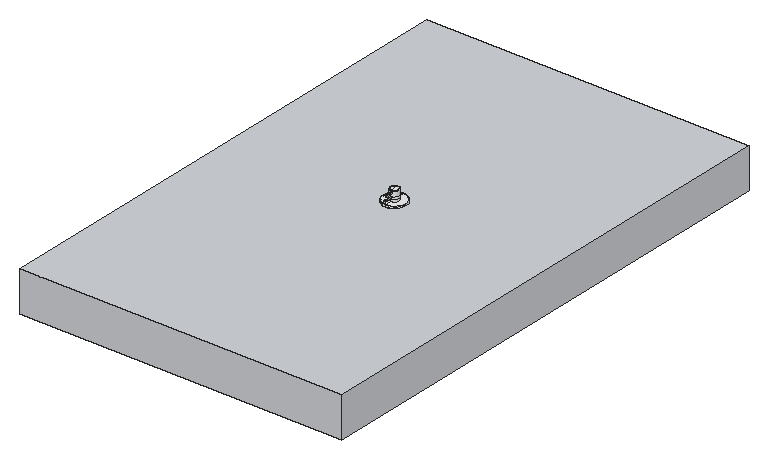
Revit family "Thermostatic_Trim-GROHE-Grohflex_Essence-19988_Series", category Plumbing Fixtures, host Face, Revit 2014
Parameters (values of type "19988001")
  Width = 6 11/16"  # constant formula
  Waste Connection = no
  Warranty Documentation Link = "https://cdn.cloud.grohe.com/tpi/1000/1900/1940/1949/1949006/original/1949006.pdf"
  WFU = 4  # constant formula
  Vent Connection = no
  URL = "https://www.grohe.us/"
  Type Comments = ""
  Tempered Connection Radius = Tempered Connection Diameter / 2  # 1/4"
  Tempered Connection Diameter = Hot Water Connection Diameter  # 1/2"
  Shipping Weight = 4.178 lbf
  Product Page URL = "https://www.grohe.us/en_us/dual-function-thermostatic-trim-with-control-module-19988001.html"
  Price = "Prices may vary. Please consult Manufacturer Representative for most up-to-date price list."  # constant formula
  Model = "19988001"
  Material = "Metal-Grohe-001-Chrome"
  Manufacturer = "Grohe"
  Length = 3 1/2"  # constant formula
  Installation Type = "Wall Mounted"
  Hot Water Connection Radius = Hot Water Connection Diameter / 2  # 1/4"
  Hot Water Connection Diameter = Cold Water Connection Diameter  # 1/2"
  Height = 40"
  HWFU = 3  # constant formula
  HW Connection = yes
  Flow Rate = ""
  Finish = Metal-Grohe-001-Chrome
  Description = "GrohFlex Essence Dual function thermostatic trim with control module"  # constant formula
  Default Elevation = 44"  # constant formula
  Creation Date = "06/30/2017"  # constant formula
  Cold Water Connection Radius = 1/4"  # constant formula
  Cold Water Connection Diameter = Cold Water Connection Radius * 2  # 1/2"
  CWFU = 3  # constant formula
  CW Connection = yes
  Assembly Code = "D2010710"
  ADA Compliant = yes
Types (2): name | Shipping Weight | Product Page URL | Model | Material | Finish
  19988001 | 4.178 lbf | "https://www.grohe.us/en_us/dual-function-thermostatic-trim-with-control-module-19988001.html" | "19988001" | "Metal-Grohe-001-Chrome" | Metal-Grohe-001-Chrome
  19988EN1 | 3.678 lbf | "https://www.grohe.us/en_us/dual-function-thermostatic-trim-with-control-module-19988EN1.html" | "19988EN1" | "Metal-Grohe-EN1-Brushed Nickel" | Metal-Grohe-EN1-Brushed Nickel
Reference planes (in)
  plane 1 "Center (Front/Back)": y = 0
  plane 2: z = 0
  plane 3 "Center (Left/Right)": x = 0
  plane 4: y = 40
  plane 5: y = -18
  plane 6: y = -39
  plane 7: x = -1.21875
  plane 8: x = 1.21875
  plane 9: x = -3.34375
  plane 10: x = 3.34375
  plane 11: z = 0.375
  plane 12: z = 4
  plane 13: y = 1.96875
  plane 14: y = -1.96875
  plane 15: z = 3.5
  plane 16: z = 0.8125
  plane 17: y = 92.5
  plane 18: through (0, -77.49972, 129.42836) normal (0, -1, -0.0001)
Forms (in)
  Extrusion 1, solid
    sketch origin (0, 0, 0) x (1, 0, 0) y (0, 1, 0)
      loop
        line (-48, 72) -> (-48, -79.70833) -> (48, -79.70833) -> (48, 72) -> (-48, 72)
    from 0 to -12
  Revolve 2, solid, material "Metal-Grohe-001-Chrome" <- "Finish"
    sketch origin (0, 0, 0) x (0, 1, 0) y (0, 0, 1)
      loop
        line (3.42542, 0) -> (3.39559, 0.34096)
        arc (3.39559, 0.34096) -> (3.37568, 0.38275) -> (3.33324, 0.40126) r 0.06616
        arc (3.33324, 0.40126) -> (2.29089, 0.44708) -> (1.24784, 0.47233) r 52.87889
        line (1.24784, 0.47233) -> (1.24784, 1.16368) -> (1.14855, 1.16368) -> (1.14855, 1.2233) -> (1.24784, 1.2233) -> (1.24784, 1.87924) -> (1.14855, 1.87924) -> (1.14855, 1.93885) -> (1.24784, 1.93885) -> (1.24784, 3.35175)
        arc (1.24784, 3.35175) -> (1.24196, 3.36892) -> (1.2268, 3.37889) r 0.02803
        arc (1.2268, 3.37889) -> (1.20109, 3.38462) -> (1.17506, 3.38865) r 0.3999
        line (1.17506, 3.38865) -> (1.17506, 3.3566) -> (1.14376, 3.3566) -> (1.16029, 3.39554)
        arc (1.16029, 3.39554) -> (0.58237, 3.47186) -> (0, 3.49736) r 6.6616
        line (0, 3.49736) -> (0, 0) -> (3.42542, 0)
      axis (0, 3.49736) -> (0, 0)
    angle from 0 to 360
  Revolve 3, solid, material "Metal-Grohe-001-Chrome" <- "Finish"
    sketch origin (0, 0.39062, 0.82813) x (0, 1, 0) y (0, 0, 1)
      loop
        line (-3.42432, 1.82031) -> (-0.53235, 1.82031) -> (-0.53235, 1.97907) -> (-2.42485, 1.97907)
        arc (-2.42485, 1.97907) -> (-2.55147, 1.98349) -> (-2.67747, 1.99673) r 1.81514
        line (-2.67747, 1.99673) -> (-2.77401, 2.0103)
        arc (-2.77401, 2.0103) -> (-2.82122, 2.01526) -> (-2.86865, 2.01692) r 0.68003
        line (-2.86865, 2.01692) -> (-3.40233, 2.01692)
        arc (-3.40233, 2.01692) -> (-3.41788, 2.01048) -> (-3.42432, 1.99492) r 0.02199
        line (-3.42432, 1.99492) -> (-3.42432, 1.82031)
      axis (-3.42432, 1.82031) -> (-0.53235, 1.82031)
    angle from 0 to 360
  Revolve 4, solid, material "Metal-Grohe-001-Chrome" <- "Finish"
    sketch origin (0, -0.53125, -0.28125) x (0, 1, 0) y (0, 0, 1)
      loop
        line (-3.42432, 1.82031) -> (0.43843, 1.82031) -> (0.43843, 1.97907) -> (-2.42485, 1.97907)
        arc (-2.42485, 1.97907) -> (-2.55147, 1.98349) -> (-2.67747, 1.99673) r 1.81514
        line (-2.67747, 1.99673) -> (-2.77401, 2.0103)
        arc (-2.77401, 2.0103) -> (-2.82122, 2.01526) -> (-2.86865, 2.01692) r 0.68003
        line (-2.86865, 2.01692) -> (-3.40233, 2.01692)
        arc (-3.40233, 2.01692) -> (-3.41788, 2.01048) -> (-3.42432, 1.99492) r 0.02199
        line (-3.42432, 1.99492) -> (-3.42432, 1.82031)
      axis (-3.42432, 1.82031) -> (0.43843, 1.82031)
    angle from 0 to 360
  Extrusion 5, solid, material "Metal-Grohe-001-Chrome" <- "Finish"
    sketch origin (0, 0, 0) x (1, 0, 0) y (0, 0, 1)
      loop
        circle (0, 2.42437) r 0.24527
    from -1.4536 to 0
  Extrusion 6, solid, material "Metal-Grohe-001-Chrome" <- "Finish"
    sketch origin (0, 0, 0) x (1, 0, 0) y (0, 1, 0)
      loop
        circle (-0.82581, 0) r 0.25
      loop
        circle (0.82581, 0) r 0.25
    from 0 to 0.0625
Cuts and joins
  joined: Revolve 2, Revolve 3, Revolve 4, Extrusion 5, Extrusion 6
Lines and regions (in)
  Masking region 1
    outline origin (0, 0, 0) x (1, 0, 0) y (0, 0, 1)
      loop
        line (3.42865, 0) -> (3.39196, 0.34903)
        arc (3.39196, 0.34903) -> (3.37392, 0.38551) -> (3.33646, 0.40143) r 0.05859
        arc (3.33646, 0.40143) -> (2.29238, 0.44386) -> (1.24784, 0.47253) r 79.34973
        line (1.24784, 0.47253) -> (1.24784, 1.1683) -> (1.14855, 1.1683) -> (1.14855, 1.22791) -> (1.24784, 1.22791) -> (1.24784, 1.8558) -> (1.14855, 1.8558) -> (1.14855, 1.91541) -> (1.24784, 1.91541) -> (1.24784, 3.35261)
        arc (1.24784, 3.35261) -> (1.24151, 3.3702) -> (1.22542, 3.37972) r 0.0276
        arc (1.22542, 3.37972) -> (0, 3.49603) -> (-1.22542, 3.37972) r 6.51379
        arc (-1.22542, 3.37972) -> (-1.24151, 3.3702) -> (-1.24784, 3.35261) r 0.0276
        line (-1.24784, 3.35261) -> (-1.24784, 1.91541) -> (-1.14855, 1.91541) -> (-1.14855, 1.8558) -> (-1.24784, 1.8558) -> (-1.24784, 1.22791) -> (-1.14855, 1.22791) -> (-1.14855, 1.1683) -> (-1.24784, 1.1683) -> (-1.24784, 0.47253)
        arc (-1.24784, 0.47253) -> (-2.29238, 0.44386) -> (-3.33646, 0.40143) r 79.34973
        arc (-3.33646, 0.40143) -> (-3.37392, 0.38551) -> (-3.39196, 0.34903) r 0.05859
        line (-3.39196, 0.34903) -> (-3.42865, 0) -> (3.42865, 0)
  symbolic lines, detail levels medium+fine
    curve 1: line (1.27909, 0, 0.47187) -> (-1.27909, 0, 0.47187)
  symbolic lines, detail levels fine
    curve 2: line (1.14855, 0, 1.91541) -> (-1.14855, 0, 1.91541)
    curve 3: line (1.14855, 0, 1.8558) -> (-1.14855, 0, 1.8558)
    curve 4: line (1.14855, 0, 1.22791) -> (-1.14855, 0, 1.22791)
    curve 5: line (1.14855, 0, 1.1683) -> (-1.14855, 0, 1.1683)
    curve 6: circle (0, 0, 2.42437) r 0.24527 normal (0, -1, 0)
Dimensions and locks (in)
  plane 1 "Center (Front/Back)" to plane 5 = 18"
  plane 5 to plane 6 = 21"
  plane 1 "Center (Front/Back)" to plane 4 = 40"
  plane 11 to level = 3/8"
  plane 12 to level = 4"
  level to plane 15 = 3 1/2"
  plane 16 to level = 13/16"
  "Hot Water Connection Diameter": diameter of Extrusion 6 sketch curve
  "Cold Water Connection Diameter": diameter of Extrusion 6 sketch curve
  aligned and locked: plane 2 to Extrusion 1
  aligned and locked: level to Extrusion 1
Automatic sketch dimensions
  curve 6 to plane 3 "Center (Left/Right)" = 0"
  plane 15 to curve 6 = 1.07563"
  plane 7 to curve 3 = 0.0702"
  plane 7 to curve 4 = 0.0702"
  curve 2 to curve 3 = 0"  (x2)
  curve 4 to curve 5 = 0"  (x2)
  curve 1 to plane 7 = 0.06034"
  plane 8 to curve 3 = 0.0702"
  plane 8 to curve 5 = 0.0702"
  curve 1 to plane 8 = 0.06034"
  plane 16 to curve 2 = 1.10291"
  curve 3 to curve 2 = 0.05961"
  plane 16 to curve 4 = 0.41541"
  curve 5 to curve 4 = 0.05961"
  curve 1 to plane 16 = 0.34063"
  Extrusion 1 sketch curve to Extrusion 1 sketch curve = 96"
  Extrusion 1 sketch curve to Extrusion 1 sketch curve = 151.70833"
  Revolve 2 sketch curve to plane 1 "Center (Front/Back)" = 0"  (x2)
  Revolve 2 sketch curve to level = 0"
  Revolve 2 sketch curve to plane 1 "Center (Front/Back)" = 0.48976"
  Revolve 2 sketch curve to plane 13 = 0.84172"
  plane 15 to Revolve 2 sketch curve = 0.1434"
  Revolve 2 sketch curve to Revolve 2 sketch curve = 0.01673"
  Revolve 2 sketch curve to plane 13 = 0.8202"
  plane 16 to Revolve 2 sketch curve = 0.35118"
  Revolve 2 sketch curve to Revolve 2 sketch curve = 0"
  plane 15 to Revolve 2 sketch curve = 0.10446"
  Revolve 2 sketch curve to Revolve 2 sketch curve = 0.01653"
  Revolve 2 sketch curve to Revolve 2 sketch curve = 0.03129"
  Revolve 2 sketch curve to Revolve 2 sketch curve = 0.04475"
  Revolve 2 sketch curve to Revolve 2 sketch curve = 0.09928"  (x2)
  Revolve 2 sketch curve to Revolve 2 sketch curve = 0.02803"
  plane 11 to Revolve 2 sketch curve = 0.09733"
  Revolve 2 sketch curve to plane 11 = 0.03981"
  plane 13 to Revolve 2 sketch curve = 1.36093"
  Revolve 2 sketch curve to plane 11 = 0.03404"
  Revolve 2 sketch curve to Revolve 2 sketch curve = 0.06591"
  Revolve 2 sketch curve to Revolve 2 sketch curve = 0.02983"
  Revolve 2 sketch curve to Revolve 2 sketch curve = 3.16423"
  Revolve 2 sketch curve to Revolve 2 sketch curve = 49.23689"
  Revolve 2 sketch curve to Revolve 2 sketch curve = 0.05961"  (x2)
  Revolve 2 sketch curve to Revolve 2 sketch curve = 0.65594"
  Revolve 2 sketch curve to Revolve 2 sketch curve = 0.36496"
  Revolve 2 sketch curve to Revolve 2 sketch curve = 0.00485"
  Revolve 2 sketch curve to Revolve 2 sketch curve = 0.00689"
  plane 12 to Revolve 2 sketch curve = 1.99585"
  Revolve 2 sketch curve to Revolve 2 sketch curve = 0.35576"
  plane 14 to Revolve 3 sketch curve = 1.06495"
  Revolve 3 sketch curve to Revolve 3 sketch curve = 0.02199"
  plane 14 to Revolve 3 sketch curve = 0.50928"
  Revolve 3 sketch curve to Revolve 3 sketch curve = 0.09464"
  Revolve 3 sketch curve to Revolve 3 sketch curve = 0.09654"
  plane 14 to Revolve 3 sketch curve = 0.06548"
  plane 1 "Center (Front/Back)" to Revolve 3 sketch curve = 0.14172"
  plane 15 to Revolve 3 sketch curve = 1.33499"
  plane 15 to Revolve 3 sketch curve = 109/128"
  plane 15 to Revolve 3 sketch curve = 0.69281"
  Revolve 3 sketch curve to Revolve 3 sketch curve = 0.17462"
  Revolve 3 sketch curve to Revolve 3 sketch curve = 0.01357"
  Revolve 3 sketch curve to Revolve 3 sketch curve = 0.32951"
  Revolve 3 sketch curve to plane 1 "Center (Front/Back)" = 0.20822"
  Revolve 3 sketch curve to Revolve 3 sketch curve = 0"
  Masking region 1 sketch curve to level = 0"
  Masking region 1 sketch curve to plane 3 "Center (Left/Right)" = 0"
  Masking region 1 sketch curve to plane 3 "Center (Left/Right)" = 0.40729"
  plane 7 to Masking region 1 sketch curve = 0.0702"  (x2)
  Masking region 1 sketch curve to plane 7 = 0.00148"
  Masking region 1 sketch curve to plane 7 = 0.02909"  (x3)
  plane 9 to Masking region 1 sketch curve = 0.01005"
  Masking region 1 sketch curve to plane 9 = 0.04821"
  Masking region 1 sketch curve to plane 9 = 0.0849"
  plane 3 "Center (Left/Right)" to Masking region 1 sketch curve = 0.40729"
  plane 8 to Masking region 1 sketch curve = 0.0702"  (x2)
  Masking region 1 sketch curve to plane 8 = 0.00148"
  Masking region 1 sketch curve to plane 8 = 0.02909"  (x3)
  plane 10 to Masking region 1 sketch curve = 0.01005"
  Masking region 1 sketch curve to plane 10 = 0.04821"
  Masking region 1 sketch curve to plane 10 = 0.0849"
  Masking region 1 sketch curve to level = 3.01777"
  Masking region 1 sketch curve to Masking region 1 sketch curve = 75.84217"
  Masking region 1 sketch curve to Masking region 1 sketch curve = 0"  (x2)
  level to Masking region 1 sketch curve = 0.34291"  (x2)
  Masking region 1 sketch curve to Masking region 1 sketch curve = 0.00612"  (x2)
  Masking region 1 sketch curve to plane 16 = 0.33997"  (x2)
  plane 16 to Masking region 1 sketch curve = 0.3558"  (x2)
  Masking region 1 sketch curve to Masking region 1 sketch curve = 0.05961"  (x4)
  Masking region 1 sketch curve to Masking region 1 sketch curve = 0.62789"  (x2)
  plane 15 to Masking region 1 sketch curve = 0.14739"  (x2)
  plane 14 to Revolve 4 sketch curve = 1.98682"
  Revolve 4 sketch curve to Revolve 4 sketch curve = 0.02199"
  Revolve 4 sketch curve to Revolve 4 sketch curve = 0.53367"
  Revolve 4 sketch curve to Revolve 4 sketch curve = 0.09464"
  Revolve 4 sketch curve to Revolve 4 sketch curve = 0.09654"
  Revolve 4 sketch curve to plane 15 = 0.01296"
  plane 14 to Revolve 4 sketch curve = 0.98735"
  plane 1 "Center (Front/Back)" to Revolve 4 sketch curve = 0.09282"
  plane 16 to Revolve 4 sketch curve = 0.92317"
  Revolve 4 sketch curve to Revolve 4 sketch curve = 0.00662"
  Revolve 4 sketch curve to Revolve 4 sketch curve = 0.01357"
  Revolve 4 sketch curve to Revolve 4 sketch curve = 0.17462"
  Revolve 4 sketch curve to plane 14 = 0.57565"
  Revolve 4 sketch curve to Revolve 4 sketch curve = 0.62083"
  Revolve 4 sketch curve to Revolve 4 sketch curve = 0"
  Extrusion 5 sketch curve to plane 3 "Center (Left/Right)" = 0"
  plane 15 to Extrusion 5 sketch curve = 1.07563"
  plane 1 "Center (Front/Back)" to Extrusion 6 sketch curve = 0"  (x2)
  plane 7 to Extrusion 6 sketch curve = 0.39294"
  plane 8 to Extrusion 6 sketch curve = 0.39294"
  radius of curve 6 = 0.24527"
  radius of Extrusion 5 sketch curve = 0.24527"
Connectors (in)
  piping at (-0.82581, 0, 0), diameter 0.5, driven by "Hot Water Connection Diameter"
    settings: on Extrusion 6, index 1, connector inside diameter 24", connector length 0", flow factor 0, pipe flow 0 GPM, pressure drop 0.00 psi, fitting loss kfactor 0, connector angle 0.00°, fixture units 0, engagement length 0", angle of deflection 0.00°, flow configuration 3, flow direction 1, fitting loss method 0, system type 19, joint type 0, gender type 0, connector reference index -1, connector utility 0, adjustable connector no, is connector primary yes, connector description "1/2\" NPT HW Inlet"
  piping at (0.82581, 0, 0), diameter 0.5, driven by "Cold Water Connection Diameter"
    settings: on Extrusion 6, index 2, connector inside diameter 24", connector length 0", flow factor 0, pipe flow 0 GPM, pressure drop 0.00 psi, fitting loss kfactor 0, connector angle 0.00°, fixture units 0, engagement length 0", angle of deflection 0.00°, flow configuration 3, flow direction 1, fitting loss method 0, system type 20, joint type 0, gender type 0, connector reference index -1, connector utility 0, adjustable connector no, is connector primary no, connector description "1/2\" NPT CW Inlet"
